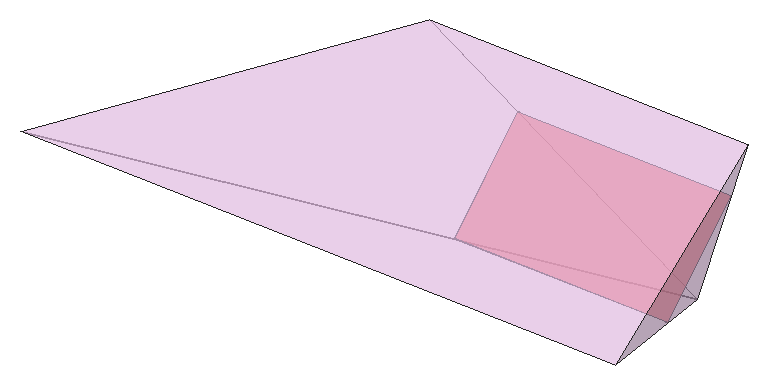
Revit family "Camera-Security-Panasonic-FixedDome-Outdoor-Amba-4K_Ultra_HD_Engine-Vandal_Resistant-Waterproof-Network-SFV781L2", category Security Devices, host Face, Revit 2013
Parameters (values of type "Camera-Security-Panasonic-ViewVolumePTYZ")
  z Yaw Actual [instance] = if(Yaw < 0.00°, 360.00° - (abs(Yaw) - rounddown(abs(Yaw) / 360.00°) * 360.00°), Yaw - rounddown(Yaw / 360.00°) * 360.00°)  # 0.00°
  z Void Width [instance] = if(z Screen Width > z Screen Height, z Screen Width, z Screen Height) + abs(Viewpoint Origin Horizontal Offset) + z Void Thickness * 2  # 32147.005 mm
  z Void Thickness [instance] = z Screen Depth + abs(Base Height Offset)  # 10300 mm
  z Void Height Start [instance] = -z Void Width / 2  # -16073.503 mm
  z Void Height End [instance] = z Void Width / 2  # 16073.503 mm
  z Void Direction [instance] = if((if(On Wall, 1, 0) + if(On Floor, 1, 0) + if(On Ceiling, 1, 0)) = 1, if(On Ceiling, 0, if(On Wall, 1, 2)), On Default Mount Type)  # 0
  z Viewpoint Depth [instance] = if(Viewpoint Depth < 1 mm, 1 mm, Viewpoint Depth)  # 150 mm
  z Tilt Actual [instance] = if(Tilt < 0.00°, 360.00° - (abs(Tilt) - rounddown(abs(Tilt) / 360.00°) * 360.00°), Tilt - rounddown(Tilt / 360.00°) * 360.00°)  # 45.00°
  z Target Visible [instance] = not(Screen Depth < Target Depth)  # yes
  z Target Thickness Start = -z Target Thickness / 2  # -1 mm
  z Target Thickness End = z Target Thickness / 2  # 1 mm
  z Target Depth [instance] = Target Depth + Viewpoint Depth  # 2150 mm
  z Pan Actual [instance] = if(Pan < 0.00°, 360.00° - (abs(Pan) - rounddown(abs(Pan) / 360.00°) * 360.00°), Pan - rounddown(Pan / 360.00°) * 360.00°)  # 0.00°
  z Floor Distance [instance] = if(z Void Direction = 2, if(Floor Distance < 0 mm, 0 mm, Floor Distance), if(Floor Distance < 10 mm, 10 mm, Floor Distance))  # 3000 mm
  z Const Yaw Base2 Length = 440 mm  # constant formula
  z Const Tilt Base2 Length = 500 mm  # constant formula
  z Ceiling Distance [instance] = if(z Void Direction = 2, if(Ceiling Distance < 10 mm, 10 mm, Ceiling Distance), if(Ceiling Distance < 0 mm, 0 mm, Ceiling Distance))  # 0 mm
  z Const Void Handle Length = 600 mm  # constant formula
  z Void Angle [instance] = if(z Void Direction = 0, 0.00° + Base Angle Offset, if(z Void Direction = 1, 90.00° + Base Angle Offset, 180.00° + Base Angle Offset))  # 0.00°
  z Screen Depth [instance] = if(Screen Depth < 100 mm, 100 mm + Viewpoint Depth, Screen Depth + Viewpoint Depth)  # 10150 mm
  Original Creation Date = "September, 15, 2016"  # constant formula
  On Default Mount Type [instance] = 0
  Manufacturer = "Panasonic"  # constant formula
  Family Version = "1.0.0"  # constant formula
  Date Last Modified = "September, 15, 2016"  # constant formula
  Copyright = "Copyright © Panasonic"  # constant formula
  Base Height Offset [instance] = 150 mm
  Base Angle Offset [instance] = 0.00°
  z Viewpoint Width = 1 mm  # constant formula
  z Viewpoint Height = 1 mm  # constant formula
  VFOV [instance] = 33.75°
  z Target Width [instance] = Target Depth * tan(HFOV / 2) * 2  # 2309.401 mm
  z Target Thickness = 2 mm  # constant formula
  z Target Height [instance] = Target Depth * tan(VFOV / 2) * 2  # 1213.387 mm
  Target Depth [instance] = 2000 mm
  z Screen Width [instance] = (z Screen Depth - Viewpoint Depth) * tan(HFOV / 2) * 2  # 11547.005 mm
  z Screen Height [instance] = (z Screen Depth - Viewpoint Depth) * tan(VFOV / 2) * 2  # 6066.934 mm
  Screen Depth [instance] = 10000 mm
  z Const Yaw Handle Length = 235 mm  # constant formula
  z Const Yaw Base Length = 260 mm  # constant formula
  Viewpoint Depth [instance] = 150 mm
  Viewpoint Origin Horizontal Offset [instance] = 0 mm
  z Const Tilt Handle Length = 360 mm  # constant formula
  z Const Tilt Base Length = 250 mm  # constant formula
  z Const Pan Handle Length = 500 mm  # constant formula
  z Const Pan Axis Length = 400 mm  # constant formula
  On Wall [instance] = no
  On Floor [instance] = no
  On Ceiling [instance] = yes
  HFOV [instance] = 60.00°
  Yaw [instance] = 0.00°
  Tilt [instance] = 45.00°
  Pan [instance] = 0.00°
  Floor Distance [instance] = 3000 mm
  Ceiling Distance [instance] = 0 mm
Reference planes
  plane 1 "Center (Front/Back)": y = 0
  plane 2: z = 0
  plane 3 "Center (Left/Right)": x = 0
  plane 4 "VoidOffsetBase": z = -150
Forms (mm)
  Extrusion 1, void
    sketch origin (0, 0, -150) x (0, 0, 1) y (0, -1, 0)
      loop
        line (13300, 16073.503) -> (3000, 16073.503) -> (3000, -16073.503) -> (13300, -16073.503) -> (13300, 16073.503)
      loop
        line (0, 16073.503) -> (-10300, 16073.503) -> (-10300, -16073.503) -> (0, -16073.503) -> (0, 16073.503)
    from -16073.503 <- "z Void Height Start" to 16073.503 <- "z Void Height End"
  Blend 2, solid, material "Panasonic - ViewVolume"
    base sketch origin (0, -106.066, 106.066) x (0, 0.707107, 0.707107) y (-1, 0, 0)
      loop
        line (-0.5, -0.5) -> (0.5, -0.5) -> (0.5, 0.5) -> (-0.5, 0.5) -> (-0.5, -0.5)
    top sketch origin (0, -7177.134, 7177.134) x (0, 0.707107, 0.707107) y (-1, 0, 0)
      loop
        line (-3033.467, -5773.503) -> (3033.467, -5773.503) -> (3033.467, 5773.503) -> (-3033.467, 5773.503) -> (-3033.467, -5773.503)
    from 0 to 0
  Extrusion 3, solid, material "Panasonic - Target", visible <- "z Target Visible"
    sketch origin (0, -1520.28, 1520.28) x (0, 0.707107, 0.707107) y (-1, 0, 0)
      loop
        line (-606.693, -1154.701) -> (606.693, -1154.701) -> (606.693, 1154.701) -> (-606.693, 1154.701) -> (-606.693, -1154.701)
    from -1 <- "z Target Thickness Start" to 1 <- "z Target Thickness End"
Cuts and joins
  Extrusion 1 cuts Blend 2
  Extrusion 1 cuts Extrusion 3
Lines and regions (mm)
  reference lines
    curve 1: line (0, 0, 0) -> (500, 0, 0)
    curve 2: line (0, 0, -400) -> (0, 0, 0)
    curve 3: line (0, 0, 0) -> (0, -250, 0)
    curve 4: line (0, 0, 0) -> (0, 0, 500)
    curve 5: line (0, -254.558, 254.558) -> (0, 0, 0)
    curve 6: line (0, 0, 0) -> (0, 183.848, 183.848)
    curve 7: line (0, 0, 0) -> (-440, 0, 0)
    curve 8: line (0, 0, 0) -> (-235, 0, 0)
    curve 9: line (0, -106.066, 106.066) -> (0, 0, 0)
    curve 10: line (0, 0, 0) -> (0, -1520.28, 1520.28)
    curve 11: line (0, 0, 0) -> (0, -7177.134, 7177.134)
    curve 12: line (-0.5, -105.712, 106.42) -> (0.5, -105.712, 106.42)
    curve 13: line (-0.5, -106.42, 105.712) -> (0.5, -106.42, 105.712)
    curve 14: line (-0.5, -105.712, 106.42) -> (-0.5, -106.42, 105.712)
    curve 15: line (0.5, -105.712, 106.42) -> (0.5, -106.42, 105.712)
    curve 16: line (-1154.701, -1091.283, 1949.277) -> (1154.701, -1091.283, 1949.277)
    curve 17: line (-1154.701, -1949.277, 1091.283) -> (1154.701, -1949.277, 1091.283)
    curve 18: line (-1154.701, -1091.283, 1949.277) -> (-1154.701, -1949.277, 1091.283)
    curve 19: line (1154.701, -1091.283, 1949.277) -> (1154.701, -1949.277, 1091.283)
    curve 20: line (-5773.503, -5032.149, 9322.119) -> (-5773.503, -9322.119, 5032.149)
    curve 21: line (5773.503, -5032.149, 9322.119) -> (5773.503, -9322.119, 5032.149)
    curve 22: line (-5773.503, -5032.149, 9322.119) -> (5773.503, -5032.149, 9322.119)
    curve 23: line (-5773.503, -9322.119, 5032.149) -> (5773.503, -9322.119, 5032.149)
    curve 24: line (0, 0, -150) -> (0, 0, 450)
    curve 25: line (0, -16073.503, 13150) -> (0, 16073.503, 13150)
    curve 26: line (0, -16073.503, 2850) -> (0, -16073.503, 13150)
    curve 27: line (0, 16073.503, 2850) -> (0, -16073.503, 2850)
    curve 28: line (0, 16073.503, 13150) -> (0, 16073.503, 2850)
    curve 29: line (0, -16073.503, -150) -> (0, 16073.503, -150)
    curve 30: line (0, -16073.503, -10450) -> (0, -16073.503, -150)
    curve 31: line (0, 16073.503, -10450) -> (0, -16073.503, -10450)
    curve 32: line (0, 16073.503, -150) -> (0, 16073.503, -10450)
Dimensions and locks
  "z Const Pan Handle Length": curve 1 to curve 1
  "z Const Pan Axis Length": curve 2 to curve 2
  "z Const Tilt Base Length": curve 3 to curve 3
  "z Const Pan Axis Length": curve 1 to curve 2
  "Viewpoint Origin Horizontal Offset": curve 4 to curve 2
  "z Const Tilt Base2 Length": curve 4 to curve 4
  "z Const Tilt Handle Length": curve 5 to curve 5
  "z Const Yaw Base Length": curve 6 to curve 6
  "z Const Yaw Base2 Length": curve 7 to curve 7
  "z Const Yaw Handle Length": curve 8 to curve 8
  "z Viewpoint Depth": curve 9 to curve 9
  "z Target Depth": curve 10 to curve 10
  "z Screen Depth": curve 11 to curve 11
  equal spacing: curve 13, curve 9, curve 12
  "z Viewpoint Height": curve 13 to curve 12
  equal spacing: curve 14, curve 9, curve 15
  "z Viewpoint Width": curve 14 to curve 15
  equal spacing: curve 17, curve 10, curve 16
  "z Target Height": curve 17 to curve 16
  equal spacing: curve 18, curve 10, curve 19
  "z Target Width": curve 18 to curve 19
  equal spacing: curve 20, curve 11, curve 21
  "z Screen Width": curve 20 to curve 21
  equal spacing: curve 23, curve 11, curve 22
  "z Screen Height": curve 23 to curve 22
  "z Const Void Handle Length": curve 24 to curve 24
  equal spacing: curve 26, curve 24, curve 28
  "z Void Width": curve 26 to curve 28
  "z Floor Distance": curve 27 to curve 24
  "z Ceiling Distance": curve 29 to curve 24
  "z Void Thickness": curve 31 to curve 29
  "z Void Thickness": curve 25 to curve 27
  "Base Height Offset": level to plane 4 "VoidOffsetBase"
  locked: curve 3 to curve 2 (angle 90.00°)
  locked: curve 3 to curve 4 (angle 90.00°)
  "z Tilt Actual": angle curve 4 to curve 5
  locked: curve 6 to curve 7 (angle 90.00°)
  locked: curve 6 to curve 5 (angle 90.00°)
  locked: curve 9 to curve 5 (angle 0.00°)
  locked: curve 10 to curve 5 (angle 0.00°)
  locked: curve 11 to curve 5 (angle 0.00°)
  "z Void Angle": angle plane 1 "Center (Front/Back)" to curve 24
  "z Yaw Actual": angle curve 7 to curve 8
  "z Pan Actual": angle plane 1 "Center (Front/Back)" to curve 1
  aligned and locked: level to plane 2
  aligned and locked: curve 2 to curve 1
  aligned and locked: curve 2 to curve 3
  aligned and locked: curve 3 to curve 2
  aligned and locked: curve 3 to curve 5
  aligned and locked: curve 6 to curve 7
  aligned and locked: curve 6 to curve 8
  aligned and locked: curve 8 to curve 7
  aligned and locked: curve 7 to curve 6
  aligned and locked: curve 5 to curve 11
  aligned and locked: curve 11 to curve 8
  aligned and locked: curve 12 to curve 15
  aligned and locked: curve 15 to curve 15
  aligned and locked: curve 14 to curve 14
  aligned and locked: curve 13 to curve 15
  aligned and locked: curve 16 to curve 19
  aligned and locked: curve 18 to curve 18
  aligned and locked: curve 17 to curve 19
  aligned and locked: curve 22 to curve 22
  aligned and locked: curve 21 to curve 23
  aligned and locked: curve 20 to curve 23
  aligned and locked: curve 23 to curve 23
  aligned and locked: plane 1 "Center (Front/Back)" to curve 24
  aligned and locked: curve 30 to curve 26
  aligned and locked: curve 28 to curve 32
  aligned and locked: Extrusion 1 sketch curve to curve 25
  aligned and locked: Extrusion 1 sketch curve to curve 26
  aligned and locked: Extrusion 1 sketch curve to curve 27
  aligned and locked: Extrusion 1 sketch curve to curve 28
  aligned and locked: Extrusion 1 sketch curve to curve 29
  aligned and locked: Extrusion 1 sketch curve to curve 30
  aligned and locked: Extrusion 1 sketch curve to curve 31
  aligned and locked: Extrusion 1 sketch curve to curve 32
  aligned and locked: Extrusion 1 sketch curve to Extrusion 1 sketch curve  (x8)
  aligned and locked: Blend 2 sketch curve to curve 15
  aligned and locked: Blend 2 sketch curve to curve 13
  aligned and locked: Blend 2 sketch curve to curve 14
  aligned and locked: Blend 2 sketch curve to curve 12
  aligned and locked: Blend 2 sketch curve to Blend 2 sketch curve  (x8)
  aligned and locked: Blend 2 sketch curve to curve 21
  aligned and locked: Blend 2 sketch curve to curve 23
  aligned and locked: Blend 2 sketch curve to curve 20
  aligned and locked: Blend 2 sketch curve to curve 22
  aligned and locked: Extrusion 3 sketch curve to curve 19
  aligned and locked: Extrusion 3 sketch curve to curve 17
  aligned and locked: Extrusion 3 sketch curve to curve 18
  aligned and locked: Extrusion 3 sketch curve to curve 16
  aligned and locked: Extrusion 3 sketch curve to Extrusion 3 sketch curve  (x4)
  aligned and locked: plane 3 "Center (Left/Right)" to curve 1
  aligned and locked: plane 1 "Center (Front/Back)" to curve 1
  aligned and locked: level to curve 2
  aligned and locked: plane 4 "VoidOffsetBase" to curve 24
Automatic sketch dimensions
  curve 6 to curve 5 = 0 mm
  curve 6 to curve 5 = 260 mm
